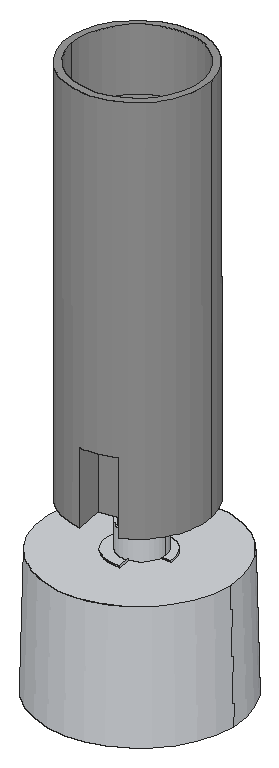
Revit family "0006162", category Generic Models, host Face, Revit 2018
Family settings
  Host = Face
  Can host rebar = No
  Round Connector Dimension = Use Diameter
  Part Type = Normal
  OmniClass Number = 23.80.70.00
  OmniClass Title = Lighting
  Cut with Voids When Loaded = No
  Shared = No
  Room Calculation Point = No
Parameters (values of type "0006162 PIXO MINI SURFACE 490LM 927 MB WHT")
  Width = 60 mm
  URL = "0.5"
  Type Image = <None>
  Type Comments = "n/a"
  Material_3_SYL = none
  Model = "Pixo Mini SURFACE 490lm 927 MB WHITE"
  Manufacturer = ""
  Length = 60 mm
  Keynote = "n/a"
  Material_2_SYL = none
  Description = "Integrated LED spotlight, Textured White - RAL9016, simple and slick integral design with no driver box and without any visible screws, ideal for retail applications, die-cast aluminium body, passive cooling heatsink. Beam angle: 40°, color temperature: 2700K , total system power: 6.5W, total fixture output: 490 lm, LOR: 100%, colour rendering: Ra: 90 typical, IR/UV free light source without heat radiation, operating voltage: 220-240V / 50-60Hz, electronic driver, non-dimmable, low LED flickerering rate (6%-20%), power factor: >0.90, electrical protection: Class I, Surface mounting ceiling rose, ingress protection rating: IP20, suitable for internal environment only, horizontal rotation: 345°, vertical tilt: 90°, dimensions: Ø41.5x125, weight: 0.219kg."
  Default Elevation = 1219.2 mm
  Cost = 0
  Material_1_SYL = none
  Assembly Code = "D5020200"
  Material_4_SYL = none
Reference planes
  plane 1 "Center (Front/Back)": y = 0
  plane 2: z = 0
  plane 3 "Center (Left/Right)": x = 0
  plane 4: y = 30
  plane 5: y = -30
  plane 6: x = -30
  plane 7: x = 30
  plane 8: x = -10
  plane 9: x = 10
  plane 10: y = -10
  plane 11: z = 50
  plane 12: z = 40
Forms (mm)
  Blend 1, solid
    base sketch origin (0, 0, 0) x (1, 0, 0) y (0, 1, 0)
      loop
        circle (0, 0) r 30
    top sketch origin (0, 0, 0) x (1, 0, 0) y (0, 1, 0)
      loop
        circle (0, 0) r 29
    from 0 to 40
  Revolve 2, solid
    sketch origin (-0.132, 1524, 1218.539) x (0, 1, 0) y (0, 0, 1)
      loop
        line (-1524, -1178.287) -> (-1534, -1178.287) -> (-1534, -1183.679) -> (-1524, -1183.679) -> (-1524, -1178.287)
      axis (-1524, -1178.287) -> (-1524, -1183.679)
    angle from -10.388 to 269.147
Dimensions and locks
  "Width": plane 4 to plane 5
  equal spacing: plane 4, plane 1 "Center (Front/Back)", plane 5
  "Length": plane 6 to plane 7
  equal spacing: plane 6, plane 3 "Center (Left/Right)", plane 7
  plane 11 to plane 12 = 10 mm
  aligned and locked: plane 2 to host face
  aligned and locked: level to host face
  aligned and locked: plane 12 to Blend 1
Automatic sketch dimensions
  host sketch curve to host sketch curve = 2438.4 mm  (x2)
  plane 1 "Center (Front/Back)" to Blend 1 sketch curve = 0 mm  (x2)
  Blend 1 sketch curve to plane 3 "Center (Left/Right)" = 0 mm  (x2)
  Revolve 2 sketch curve to plane 10 = 0 mm
  Revolve 2 sketch curve to plane 1 "Center (Front/Back)" = 0 mm  (x2)
  Revolve 2 sketch curve to plane 12 = 5.14 mm
  Revolve 2 sketch curve to plane 11 = 9.748 mm
  Revolve 2 sketch curve to Revolve 2 sketch curve = 6.947 mm
  Revolve 2 sketch curve to Revolve 2 sketch curve = 19.087 mm
  radius of Blend 1 sketch curve = 30 mm
  radius of Blend 1 sketch curve = 29 mm
Nested families
  nested 1: "Pixo Mini Integral arm and Head Family face based" at (0, 0.779, 40.252) x (-0.9836, -0.1803, 0) z (0, 0, 1), type "Type Name"
Definition of nested family "Pixo Mini Integral arm and Head Family face based"
  Parameters (values of type "Type Name")
    Width = 14 mm
    URL = "http://www.sylvania-lighting.com"
    Type Image = (empty or 0)
    Type Comments = "n/a"
    Material_3_SYL = none
    Model = ""
    Manufacturer = "Feilo Sylvania"
    Length = 14 mm
    Keynote = ""
    Material_2_SYL = none
    Description = ""
    Default Elevation = 1219.2 mm
    Cost = 0
    Material_1_SYL = none
    Assembly Code = ""
    Material_4_SYL = none
  Reference planes
    plane 1 "Center (Front/Back)": y = 0
    plane 2: z = 0
    plane 3 "Center (Left/Right)": x = 0
    plane 4: y = 7
    plane 5: y = -7
    plane 6: x = -7
    plane 7: x = 7
    plane 8: y = 5
    plane 9: y = -5
    plane 10: x = -4
    plane 11: x = 4
    plane 12: z = 32
    plane 13: z = 27
    plane 14: z = 29.5
    plane 15: z = 24.5
    plane 16: x = 2.5
    plane 17: x = -2.476
    plane 18: y = 2.5
    plane 19: y = -2.5
  Forms (mm)
    Extrusion 1, solid
      sketch origin (4.2, 0, 0) x (1, 0, 0) y (0, 1, 0)
        loop
          line (-1219.2, 1219.2) -> (-1219.2, -1219.2) -> (1219.2, -1219.2) -> (1219.2, 1219.2) -> (-1219.2, 1219.2)
      from 0 to -68.017
    Extrusion 2, solid
      sketch origin (0, 0, 0) x (1, 0, 0) y (0, 1, 0)
        loop
          circle (0, 0) r 7
      from 0 to 8
    Extrusion 3, solid
      sketch origin (0, 0, 0) x (1, 0, 0) y (0, 1, 0)
        loop
          line (-4, 5) -> (-4, -5) -> (4, -5) -> (4, 5) -> (-4, 5)
      from 0 to 32
    Revolve 4, solid
      sketch origin (1524, 0.091, 1207.16) x (1, 0, 0) y (0, 0, 1)
        loop
          line (-1515.995, -1189.7) -> (-1532.014, -1189.7) -> (-1532.014, -1192.2) -> (-1515.995, -1192.2) -> (-1515.995, -1189.7)
        axis (-1515.995, -1192.2) -> (-1532.014, -1192.2)
      angle from 179.753 to 270.073
  Dimensions and locks
    "Width": plane 4 to plane 5
    equal spacing: plane 4, plane 1 "Center (Front/Back)", plane 5
    "Length": plane 6 to plane 7
    equal spacing: plane 6, plane 3 "Center (Left/Right)", plane 7
    aligned and locked: plane 2 to Extrusion 1
    aligned and locked: level to Extrusion 1
  Automatic sketch dimensions
    Extrusion 1 sketch curve to Extrusion 1 sketch curve = 2438.4 mm  (x2)
    plane 1 "Center (Front/Back)" to Extrusion 2 sketch curve = 0 mm
    Extrusion 2 sketch curve to plane 3 "Center (Left/Right)" = 0 mm
    Extrusion 3 sketch curve to plane 9 = 0 mm
    Extrusion 3 sketch curve to plane 10 = 0 mm
    Extrusion 3 sketch curve to plane 11 = 0 mm
    Extrusion 3 sketch curve to plane 8 = 0 mm
    Revolve 4 sketch curve to plane 13 = 12.04 mm  (x2)
    plane 17 to Revolve 4 sketch curve = 5.537 mm
    Revolve 4 sketch curve to plane 16 = 5.505 mm
    Revolve 4 sketch curve to plane 14 = 12.04 mm
    plane 6 to Revolve 4 sketch curve = 1.319 mm
    Revolve 4 sketch curve to plane 7 = 1.279 mm
    radius of Extrusion 2 sketch curve = 7 mm
  Nested families
    nested 1: "Pixo Mini Integral Head Family face based nested" at (0.337, 1.428, 14.959) x (-1, 0, 0) z (0, 0.0013, 1), type "Type Name"
      with built-in parameter 1114216 (empty or 0)
  Definition of nested family "Pixo Mini Integral Head Family face based nested"
    Parameters (values of type "Type Name")
      Wattage Comments = "n/a"
      Wattage = 9.2903 W
      built-in parameter 1150110 = 1 (stored number, unit not read)
      URL = "http://www.sylvania-lighting.com"
      Type Image = (empty or 0)
      Type Comments = "n/a"
      built-in parameter 1114217 = 1 (stored number, unit not read)
      Tilt Angle = 90.00°
      built-in parameter 1150109 = 1 (stored number, unit not read)
      built-in parameter 1150134 = 3
      built-in parameter 1150113 = 1 (stored number, unit not read)
      Photometric Web File = "0006162.ies"
      Material_3_SYL = none
      Model = ""
      Manufacturer = "Feilo Sylvania"
      built-in parameter 1150105 = 109.82 (stored number, unit not read)
      Lumens = 1380 lm
      built-in parameter 1150115 = 1 (stored number, unit not read)
      built-in parameter 1150137 = (empty or 0)
      built-in parameter 1150139 = (empty or 0)
      built-in parameter 1150112 = 1 (stored number, unit not read)
      built-in parameter 1150114 = 1 (stored number, unit not read)
      Lamp = "LED"
      Keynote = "16500"
      Material_2_SYL = none
      built-in parameter 1150132 = (empty or 0)
      built-in parameter 1150102 = (empty or 0)
      built-in parameter 1150107 = 3200 (stored number, unit not read)
      built-in parameter 1150138 = (empty or 0)
      built-in parameter 1150106 = 1.0982 (stored number, unit not read)
      built-in parameter 1150104 = 13.8 (stored number, unit not read)
      Dimming Lamp Color Temperature Shift = (empty or 0)
      Description = ""
      Default Elevation = 1219.2 mm
      Cost = 0
      Color Filter = 16777215
      built-in parameter 1114216 [instance] = (empty or 0)
      Material_1_SYL = none
      built-in parameter 1114218 = 1 (stored number, unit not read)
      built-in parameter 1150133 = 10 (stored number, unit not read)
      Assembly Code = "D5020200"
      Apparent Load = 0 VA
      Material_4_SYL = none
    Reference planes
      plane 1 "Center (Front/Back)": y = 0
      plane 2: z = 0
      plane 3 "Center (Left/Right)": x = 0
      plane 4: z = 61.598
      plane 5: y = -21
      plane 6: y = -11
      plane 7: x = -5.5
      plane 8: x = 5.5
    Forms (mm)
      Extrusion 1, solid
        sketch origin (4.2, 0, 0) x (1, 0, 0) y (0, 1, 0)
          loop
            line (-1219.2, 1219.2) -> (-1219.2, -1219.2) -> (1219.2, -1219.2) -> (1219.2, 1219.2) -> (-1219.2, 1219.2)
        from 0 to -68.017
      Extrusion 2, solid
        sketch origin (0, 0, 0) x (1, 0, 0) y (0, 1, 0)
          loop
            circle (0, 0) r 21
        from 0 to 125
      Extrusion 3, void
        sketch origin (0, 0, 0) x (1, 0, 0) y (0, 1, 0)
          loop
            circle (0, 0) r 19
        from 125 to 105.028
      Blend 4, void
        base sketch origin (0, 0, 0) x (1, 0, 0) y (0, 1, 0)
          loop
            circle (0, 0) r 16.5
        top sketch origin (0, 0, 0) x (1, 0, 0) y (0, 1, 0)
          loop
            circle (0, 0) r 5.5
        from 105.028 to 95
      Extrusion 5, solid, detail levels fine
        sketch origin (0, 0, 0) x (1, 0, 0) y (0, 1, 0)
          loop
            circle (0, 0) r 5.5
        from 95 to 97
      Extrusion 6, void
        sketch origin (0, 0, 0) x (1, 0, 0) y (0, 1, 0)
          loop
            line (5.5, -21) -> (5.5, -11) -> (-5.5, -11) -> (-5.5, -21) -> (5.5, -21)
        from 0 to 23
    Cuts and joins
      Extrusion 3, Blend 4, Extrusion 6 cuts Extrusion 2
    Dimensions and locks
      aligned and locked: plane 2 to Extrusion 1
      aligned and locked: level to Extrusion 1
    Connectors
      electrical at (0, 0, 0), driven by "Apparent Load"
        settings: index 1, voltage 230 V, apparent load 0 VA, apparent load phase1 0 VA, apparent load phase2 0 VA, apparent load phase3 0 VA, power factor 0, load classification none, number of poles 1, system type 30, power factor state 1, is connector primary yes, connector utility no, sub classification motor no, connector description ""
